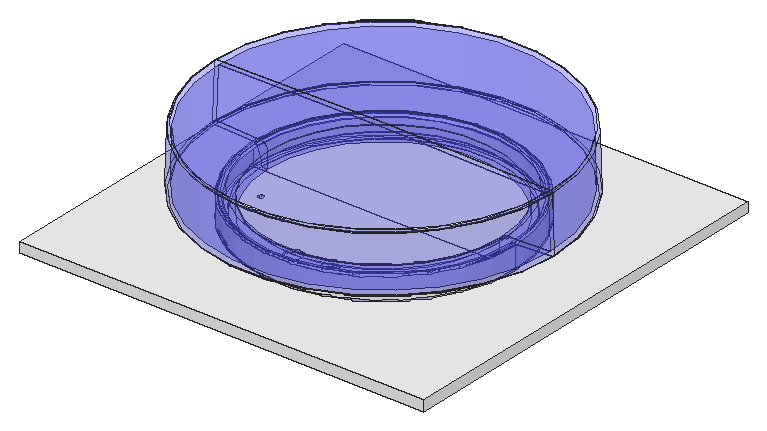
Revit family "BE_67718_de_DE", category Leuchten, Revit 2015
Parameters (values of type "BEGA_67718_K4")
  built-in parameter 1150104 = 12.04 (stored number, unit not read)
  Wattage = 16.4 W
  Default Elevation = 0 mm
  built-in parameter 1150113 = 1 (stored number, unit not read)
  built-in parameter 1114218 = 1 (stored number, unit not read)
  Umgebungstemperatur = "25 °C"
  URL = "http://www.bega.de/produkt/67718"
  Typenkommentare = "© 2017 BEGA. Wir behalten uns das Recht vor, technische Änderungen ohne vorherige Ankündigung vorzunehmen."  # constant formula
  built-in parameter 1150134 = 12
  built-in parameter 1150109 = 1 (stored number, unit not read)
  Strom = ""
  built-in parameter 1150110 = 1 (stored number, unit not read)
  Spannung = 239.996 V
  Sonderanfertigung = no
  Seriennummer [instance] = "Hier können Sie die eindeutige Seriennummer für das Facility Management eintragen."
  Schutzklasse = "I"
  Schutzart = "IP 44"
  Scheinlast = 0 VA
  Produktdatenblatt = "http://www.bega.de/download/Xrfa/db/67718.db.de.pdf"
  Oberflächentemperatur = ""
  Neigungswinkel = 0.00°
  Modell = "67718K4"
  Material_17 = BEGA_Reflektor
  Material_15 = BEGA_Leuchtmedium_matt
  Material_11 = BEGA_Glas_opal
  Material_09 = BEGA_Glas_klar
  Material_06 = BEGA_Oberfläche_Edelstahl_gebürstet
  Material_05 = BEGA_Oberfläche_Aluminium Guss
  Material_03 = BEGA_Oberfläche_Weiss_matt
  Material_02 = BEGA_Oberfläche_Silber_matt
  Material_01 [instance] = BEGA_Oberfläche_Grafit_matt
  M_W = no
  M_G = no
  M_A = no
  Logo = 0
  built-in parameter 1114217 = 1 (stored number, unit not read)
  built-in parameter 1150139 = (empty or 0)
  built-in parameter 1150105 = 490.86 (stored number, unit not read)
  built-in parameter 1150114 = 1 (stored number, unit not read)
  Lumens = 2125.44 lm
  built-in parameter 1150115 = 1 (stored number, unit not read)
  Leuchtenlichtstrom = "1341 lm"
  Leuchtenanzahl = ""
  Lebensdauerkriterien = "L70B50 @ 25 °C = 265000 h"
  Lastklassifizierung = Beleuchtung
  built-in parameter 1150112 = 1 (stored number, unit not read)
  Lampenlichtstrom = "2125 lm"
  Lampe = "LED 16.4 W"
  LED_Modulbezeichnung = "LED-0569/940 "
  built-in parameter 1150142 = (empty or 0)
  Hersteller = "BEGA"  # constant formula
  Halbstreuwinkel = ""
  Gewicht = "4.9 kg"
  Gebrauchslageneinschränkung [instance] = ""
  Frequenz = "0/50-60 Hz"
  Farbwiedergabeindex = "Ra > 90"
  Farbtemperaturverschiebung bei Dämpfen der Lampe = <Keine Auswahl>
  Farbtemperatur = "4000 K"
  Color Filter = 16777215
  built-in parameter 1150133 = 10 (stored number, unit not read)
  Energieeffizienzklasse = "LED A++ - A"
  built-in parameter 1150137 = (empty or 0)
  built-in parameter 1150132 = (empty or 0)
  ENEC = ""
  Dimmbar [instance] = "DALI"
  Datei für fotometrisches Netz = "BE_67718K4.IES"
  CE_Konformität = "ja"
  Bestellnummer = "67718K4"
  Beschreibung_Sonderanfertigung = "Hier können Sie Informationen zur Sonderanfertigung eintragen."
  Beschreibung = "Wandleuchte"
  built-in parameter 1150106 = 4.9086 (stored number, unit not read)
  Befestigungsbohrung = "Ø 5,5 mm"
  Befestigungsabstand = "200 mm"
  Ballwurfsicher = ""
  BEGA_Intern_aus = yes
  BEGA_Intern_an = yes
  BEGA_Intern_Konstruktion = yes
  BEGA_Intern = yes
  BEGA_IES = yes
  BEGA_Dummy = no
  Anschlussleitung = ""
  Anschlussleistung [instance] = "18.9 W"
  Anschlusskasten = ""
  built-in parameter 1150107 = 4000 (stored number, unit not read)
  built-in parameter 1150102 = (empty or 0)
  built-in parameter 1150138 = (empty or 0)
  Aktualisierung = "2017-07-12T04:08:54"
  Abstand_zur_angestrahlten_Fläche [instance] = ""
  AC/DC = "AC/DC"
Types (2, lengths in mm): name | built-in parameter 1150104 | built-in parameter 1150134 | Modell | built-in parameter 1150105 | Lumens | Leuchtenlichtstrom | Lampenlichtstrom | LED_Modulbezeichnung | Farbtemperatur | Datei für fotometrisches Netz | Bestellnummer | built-in parameter 1150106 | built-in parameter 1150107
  BEGA_67718_K4 | 12.04 (stored number, unit not read) | 12 | "67718K4" | 490.86 (stored number, unit not read) | 2125.44 lm | "1341 lm" | "2125 lm" | "LED-0569/940 " | "4000 K" | "BE_67718K4.IES" | "67718K4" | 4.9086 (stored number, unit not read) | 4000 (stored number, unit not read)
  BEGA_67718_K3 | 11.613 (stored number, unit not read) | (empty or 0) | "67718" | 473.42 (stored number, unit not read) | 2050 lm | "1293 lm" | "2050 lm" | "LED-0569/930 " | "3000 K" | "BE_67718.IES" | "67718" | 4.7342 (stored number, unit not read) | 3000 (stored number, unit not read)
Reference planes
  plane 1 "Mitte (Vorne/Hinten)": y = 0
  plane 2: z = 0
  plane 3 "Mitte (Links/Rechts)": x = 0
  plane 4 "Links": x = -168.948
  plane 5 "Rechts": x = 168.948
  plane 6 "Unten": y = -169
  plane 7 "Oben": y = 169
  plane 8 "Vorne": z = 87.503
  plane 9 "Hinten": z = 0
Forms (mm)
  Extrusion 1, solid, material "BEGA_Platte_Weiss"
    sketch origin (0, -1119.2, 0) x (1, 0, 0) y (0, 1, 0)
      loop
        line (-200, 1319.2) -> (-200, 919.2) -> (200, 919.2) -> (200, 1319.2) -> (-200, 1319.2)
    from 0 to -10
  Extrusion 2, solid, material "BEGA_Dummy_matt", visible <- "BEGA_Dummy"
    sketch origin (77.149, -76.023, 0) x (1, 0, 0) y (0, 1, 0)
      loop
        circle (-77.149, 76.023) r 168.948
    from 0 to 87.503
Dimensions and locks
  plane 1 "Mitte (Vorne/Hinten)" to Extrusion 1 = 200 mm
  aligned and locked: plane 2 to Extrusion 1
  aligned and locked: level to Extrusion 1
Nested families
  nested 1: "BE_67718" at (0, 0, 0), type "BE_67718"
Connectors
  electrical at (0, 0, 0), driven by "Lastklassifizierung", driven by "Spannung", driven by "Scheinlast"
    settings: index 1, voltage 239.996 V, apparent load 0 VA, apparent load phase1 0 VA, apparent load phase2 0 VA, apparent load phase3 0 VA, power factor 1, load classification "Beleuchtung", number of poles 1, system type 31, power factor state 1, is connector primary yes, connector utility no, sub classification motor no, connector description ""
Definition of nested family "BE_67718"
  Parameters (values of type "BE_67718")
    Default Elevation = 1 mm
    URL = "http://www.bega.de/de/produkt"
    Type Comments = "© 2015 BEGA. Wir behalten uns das Recht vor, technische Änderungen ohne vorherige Ankündigung vorzunehmen. "  # constant formula
    Type Image = (empty or 0)
    Neigungswinkel_um_Z2 = 0.00°
    Neigungswinkel_um_Z1 = 0.00°
    Neigungswinkel_um_Y2 = 0.00°
    Neigungswinkel_um_Y1 = 0.00°
    Neigungswinkel_um_X2 = 0.00°
    Neigungswinkel_um_X1 = 0.00°
    Material_17 = none
    Material_15 = none
    Material_11 = none
    Material_09 = none
    Material_06 = none
    Material_05 = none
    Material_03 = none
    Material_02 = none
    Material_01 = none
    M_W = yes
    M_G = yes
    M_A = yes
    Länge_Platte = 400 mm  # constant formula
    Höhe_Platte = -10 mm  # constant formula
    Manufacturer = "BEGA"  # constant formula
    Drehwinkel_um_Z2 = 0.00°
    Drehwinkel_um_Z1 = 0.00°
    Breite_Platte = 400 mm  # constant formula
  Reference planes
    plane 1 "Mitte (Oben/Unten)": y = 0
    plane 2: z = 0
    plane 3 "Mitte (Links/Rechts)": x = 0
    plane 4: x = -168.948
    plane 5: z = 87.503
    plane 6: x = 168.948
    plane 7: y = -169
    plane 8: y = 169
  Forms (mm)
    Extrusion 1, solid, detail levels medium
      sketch origin (0, 0, 0) x (1, 0, 0) y (0, 1, 0)
        loop
          line (-200, 200) -> (-200, -200) -> (200, -200) -> (200, 200) -> (-200, 200)
      from 0 to -10 <- "Höhe_Platte"
    Revolve 2, solid, material <- "Material_03", detail levels medium+fine
      sketch origin (0, 0, 0) x (1, 0, 0) y (0, 0, 1)
        loop
          arc (-129.05, 25.99) -> (-130.005, 25.595) -> (-130.4, 24.64) r 1.35
          line (-130.4, 24.64) -> (-130.4, 4)
          arc (-130.4, 4) -> (-129.814, 2.586) -> (-128.4, 2) r 2
          line (-128.4, 2) -> (0, 1.99) -> (0, 4) -> (-128.2, 4)
          arc (-128.2, 4) -> (-128.907, 4.293) -> (-129.2, 5) r 1
          line (-129.2, 5) -> (-129.2, 25.002) -> (-126.349, 22.151) -> (-125.5, 22.999) -> (-128.093, 25.592)
          arc (-128.093, 25.592) -> (-128.532, 25.886) -> (-129.05, 25.99) r 1.35
        axis (0, 1.99) -> (0, 25.99)
      angle from 0 to 360
    Revolve 3, solid, material <- "Material_03", detail levels medium+fine
      sketch origin (0, 0, 0) x (1, 0, 0) y (0, 0, 1)
        loop
          arc (113.481, 2.548) -> (115.961, 0.668) -> (119, 0) r 7.25
          line (119, 0) -> (119, 2.548) -> (113.481, 2.548)
        axis (119, 0) -> (119, 2.548)
      angle from 0 to 360
    Revolve 4, solid, material <- "Material_03", detail levels medium+fine
      sketch origin (0, 0, 0) x (0, -1, 0) y (0, 0, 1)
        loop
          arc (113.481, 2.548) -> (115.961, 0.668) -> (119, 0) r 7.25
          line (119, 0) -> (119, 2.548) -> (113.481, 2.548)
        axis (119, 0) -> (119, 2.548)
      angle from 0 to 360
    Revolve 5, solid, material <- "Material_03", detail levels medium+fine
      sketch origin (0, 0, 0) x (0, 1, 0) y (0, 0, 1)
        loop
          arc (113.481, 2.548) -> (115.961, 0.668) -> (119, 0) r 7.25
          line (119, 0) -> (119, 2.548) -> (113.481, 2.548)
        axis (119, 0) -> (119, 2.548)
      angle from 0 to 360
    Revolve 6, solid, material <- "Material_03", detail levels medium+fine
      sketch origin (0, 0, 0) x (-1, 0, 0) y (0, 0, 1)
        loop
          arc (113.481, 2.548) -> (115.961, 0.668) -> (119, 0) r 7.25
          line (119, 0) -> (119, 2.548) -> (113.481, 2.548)
        axis (119, 0) -> (119, 2.548)
      angle from 0 to 360
    Extrusion 7, void
      sketch origin (0, 0, 0) x (1, 0, 0) y (0, 1, 0)
        loop
          circle (-17.5, -90) r 8.5
        loop
          circle (17.5, -90) r 8.5
        loop
          circle (-93.969, -34.202) r 2.75
        loop
          circle (93.969, 34.202) r 2.75
      from 0 to 6.5
    Revolve 8, solid, material <- "Material_11", detail levels medium+fine
      sketch origin (0, 0, 0) x (1, 0, 0) y (0, 0, 1)
        loop
          arc (-165.573, 85.549) -> (-166.938, 84.966) -> (-167.525, 83.602) r 2
          line (-167.525, 83.602) -> (-168.948, 29.485)
          arc (-168.948, 29.485) -> (-168.406, 28.063) -> (-167.019, 27.434) r 2
          line (-167.019, 27.434) -> (-125.948, 26) -> (-120.5, 11.839) -> (-120.5, 6) -> (-114.5, 6) -> (-114.5, 21.883)
          arc (-114.5, 21.883) -> (-116.747, 27.436) -> (-122.221, 29.872) r 8
          line (-122.221, 29.872) -> (-164.898, 31.363) -> (-163.578, 81.749)
          arc (-163.578, 81.749) -> (-81.795, 83.191) -> (0, 83.657) r 6856.619
          line (0, 83.657) -> (0, 87.503)
          arc (0, 87.503) -> (-82.793, 87.026) -> (-165.573, 85.549) r 6860.466
        axis (0, 87.503) -> (0, 6)
      angle from 0 to 360
  Cuts and joins
    Extrusion 7 cuts Revolve 2
    Extrusion 7 cuts Revolve 3
    Extrusion 7 cuts Revolve 4
    Extrusion 7 cuts Revolve 5
    Extrusion 7 cuts Revolve 6
    joined: Revolve 2, Revolve 3, Revolve 4, Revolve 5, Revolve 6
  Dimensions and locks
    equal spacing: Extrusion 1 sketch curve, plane 3 "Mitte (Links/Rechts)", Extrusion 1 sketch curve
    equal spacing: Extrusion 1 sketch curve, plane 1 "Mitte (Oben/Unten)", Extrusion 1 sketch curve
    "Länge_Platte": Extrusion 1 sketch curve to Extrusion 1 sketch curve
    "Breite_Platte": Extrusion 1 sketch curve to Extrusion 1 sketch curve
    aligned and locked: plane 2 to Extrusion 1
    aligned and locked: level to Extrusion 1
  Automatic sketch dimensions
    Revolve 2 sketch curve to Revolve 2 sketch curve = 0 mm  (x9)
    Revolve 2 sketch curve to plane 3 "Mitte (Links/Rechts)" = 0 mm  (x2)
    Revolve 2 sketch curve to Revolve 2 sketch curve = 0.849 mm  (x2)
    Revolve 2 sketch curve to Revolve 2 sketch curve = 2.593 mm
    level to Revolve 2 sketch curve = 4 mm
    Revolve 2 sketch curve to Revolve 2 sketch curve = 0.2 mm
    Revolve 2 sketch curve to Revolve 2 sketch curve = 0.957 mm
    Revolve 2 sketch curve to Revolve 2 sketch curve = 1 mm  (x2)
    level to Revolve 2 sketch curve = 1.99 mm
    Revolve 2 sketch curve to Revolve 2 sketch curve = 17.151 mm
    Revolve 2 sketch curve to Revolve 2 sketch curve = 2.489 mm
    Revolve 2 sketch curve to Revolve 2 sketch curve = 0.362 mm  (x2)
    Revolve 2 sketch curve to Revolve 2 sketch curve = 0.59 mm
    Revolve 2 sketch curve to Revolve 2 sketch curve = 0.01 mm  (x2)
    Revolve 2 sketch curve to Revolve 2 sketch curve = 0.15 mm
    Revolve 2 sketch curve to Revolve 2 sketch curve = 1.2 mm  (x2)
    Revolve 2 sketch curve to Revolve 2 sketch curve = 7.076 mm
    Revolve 3 sketch curve to Revolve 3 sketch curve = 0 mm  (x3)
    Revolve 3 sketch curve to Revolve 3 sketch curve = 0.712 mm
    Revolve 3 sketch curve to Revolve 3 sketch curve = 5.519 mm
    Revolve 3 sketch curve to Revolve 3 sketch curve = 2.548 mm
    Revolve 4 sketch curve to Revolve 4 sketch curve = 0 mm  (x3)
    Revolve 4 sketch curve to Revolve 4 sketch curve = 0.712 mm
    Revolve 4 sketch curve to Revolve 4 sketch curve = 5.519 mm
    Revolve 4 sketch curve to Revolve 4 sketch curve = 2.548 mm
    Revolve 5 sketch curve to Revolve 5 sketch curve = 0 mm  (x3)
    Revolve 5 sketch curve to Revolve 5 sketch curve = 0.712 mm
    Revolve 5 sketch curve to Revolve 5 sketch curve = 5.519 mm
    Revolve 5 sketch curve to Revolve 5 sketch curve = 2.548 mm
    Revolve 6 sketch curve to Revolve 6 sketch curve = 0 mm  (x3)
    Revolve 6 sketch curve to Revolve 6 sketch curve = 0.712 mm
    Revolve 6 sketch curve to Revolve 6 sketch curve = 5.519 mm
    Revolve 6 sketch curve to Revolve 6 sketch curve = 2.548 mm
    level to Revolve 3 sketch curve = 2.548 mm
    level to Revolve 4 sketch curve = 2.548 mm
    level to Revolve 5 sketch curve = 2.548 mm
    level to Revolve 6 sketch curve = 2.548 mm
    Extrusion 7 sketch curve to plane 3 "Mitte (Links/Rechts)" = 17.5 mm
    plane 3 "Mitte (Links/Rechts)" to Extrusion 7 sketch curve = 17.5 mm
    Revolve 8 sketch curve to plane 3 "Mitte (Links/Rechts)" = 0 mm  (x2)
    Revolve 8 sketch curve to plane 3 "Mitte (Links/Rechts)" = 1.827 mm
    Revolve 8 sketch curve to Revolve 8 sketch curve = 0.006 mm  (x2)
    Revolve 8 sketch curve to Revolve 8 sketch curve = 3.448 mm
    Revolve 8 sketch curve to Revolve 8 sketch curve = 38.95 mm
    Revolve 8 sketch curve to Revolve 8 sketch curve = 1.947 mm
    Revolve 8 sketch curve to Revolve 8 sketch curve = 2.051 mm
    Revolve 8 sketch curve to Revolve 8 sketch curve = 0.07 mm
    level to Revolve 8 sketch curve = 31.363 mm
    Revolve 8 sketch curve to Revolve 8 sketch curve = 1.93 mm
    Revolve 8 sketch curve to Revolve 8 sketch curve = 1.999 mm  (x2)
    level to Revolve 8 sketch curve = 26 mm
    Revolve 8 sketch curve to Revolve 8 sketch curve = 4.117 mm
    Revolve 8 sketch curve to Revolve 8 sketch curve = 4.123 mm
    Revolve 8 sketch curve to Revolve 8 sketch curve = 10.038 mm
    level to Revolve 8 sketch curve = 6 mm
    Revolve 8 sketch curve to level = 6772.962 mm
    Revolve 8 sketch curve to Revolve 8 sketch curve = 0.001 mm
    Revolve 8 sketch curve to Revolve 8 sketch curve = 3.846 mm
    Revolve 8 sketch curve to Revolve 8 sketch curve = 0 mm  (x7)
    plane 4 to Revolve 2 sketch curve = 43.448 mm
    Revolve 2 sketch curve to Revolve 2 sketch curve = 1.851 mm
    plane 4 to Revolve 6 sketch curve = 55.467 mm
    Revolve 8 sketch curve to plane 4 = 0 mm
    plane 4 to Revolve 8 sketch curve = 3.423 mm
    Revolve 8 sketch curve to Revolve 8 sketch curve = 2 mm
    Revolve 8 sketch curve to Revolve 8 sketch curve = 6 mm
    level to Revolve 8 sketch curve = 29.872 mm
    plane 3 "Mitte (Links/Rechts)" to Revolve 3 sketch curve = 113.481 mm
    plane 5 to Revolve 8 sketch curve = 5.754 mm
    Revolve 8 sketch curve to Revolve 8 sketch curve = 1.801 mm
    plane 4 to Revolve 8 sketch curve = 1.417 mm
    Revolve 8 sketch curve to Revolve 8 sketch curve = 13.004 mm
    plane 1 "Mitte (Oben/Unten)" to Revolve 4 sketch curve = 113.481 mm
    plane 1 "Mitte (Oben/Unten)" to Extrusion 7 sketch curve = 34.202 mm
    plane 4 to Extrusion 7 sketch curve = 74.979 mm
    Extrusion 7 sketch curve to plane 1 "Mitte (Oben/Unten)" = 34.202 mm
    plane 6 to Extrusion 7 sketch curve = 74.979 mm
    plane 1 "Mitte (Oben/Unten)" to Extrusion 7 sketch curve = 90 mm
    Extrusion 7 sketch curve to Extrusion 7 sketch curve = 0 mm
    Revolve 5 sketch curve to plane 1 "Mitte (Oben/Unten)" = 113.481 mm
    radius of Extrusion 7 sketch curve = 8.5 mm  (x2)
    radius of Extrusion 7 sketch curve = 2.75 mm  (x2)
